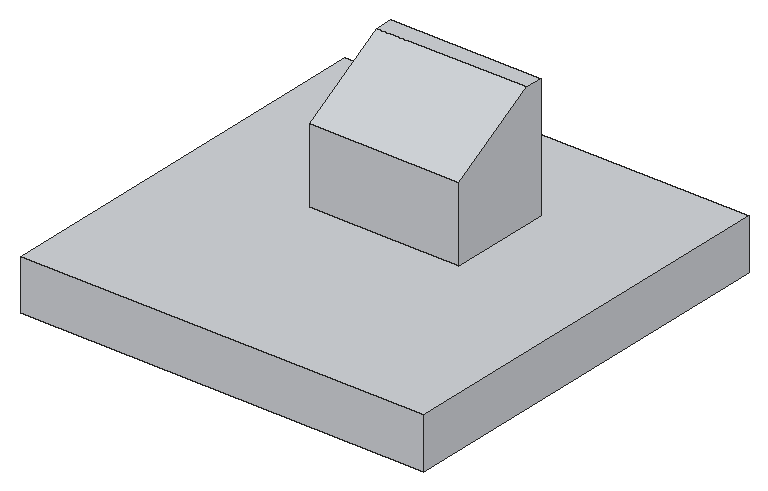
Revit family "M_Filtro de gordura - Prateleira traseira", category Terminais de ar, Revit 2019
Family settings
  Hospedeiro = Face
  Cota do conector redondo = Utilizar diâmetro
  Tipo de parte = Normal
  Número OmniClass = 23.40.40.14.21.11
  Título OmniClass = Food Service Hoods
  ID de item do Seek = Grease Hood - Backshelf-0000-CAN-ENU
  Corte com vazios quando carregada = Não
  Compartilhado = Não
  Ponto de cálculo do ambiente = Não
Parameters (values of type "Padrão")
  Queda de pressão [instance] = 100.0 Pa
  Material da coifa = none
  Comprimento da coifa [instance] = 900 mm
  Comprimento de meia coifa [instance] = 1 / 2 * Comprimento da coifa  # 450 mm
  Fluxo do ar de exaustão [instance] = 0.25 m/s * Comprimento da coifa * 445 mm  # 100.125 L/s
  Largura do duto [instance] = 150 mm
  Altura do duto [instance] = 150 mm
  Elevação-padrão = 1650 mm
Reference planes
  plane 1 "Centro (Frente/Trás)": y = 0
  plane 2: z = 0
  plane 3 "Centro (Esquerda/Direita)": x = 0
  plane 4: x = -450
  plane 5: x = 450
  plane 6: y = 609.6
  plane 7: y = 508
  plane 8: y = 711.2
  plane 9: z = 736.6
  plane 10: z = 444.5
  plane 11: z = 101.6
  plane 12: z = 251.6
  plane 13: x = 75
  plane 14: x = -75
Forms (mm)
  Extrusion 1, solid
    sketch origin (0, 0, 0) x (1, 0, 0) y (0, 1, 0)
      loop
        line (-1212, 1219.2) -> (-1212, -1219.2) -> (1212, -1219.2) -> (1212, 1219.2) -> (-1212, 1219.2)
    from 0 to -304.8
  Extrusion 2, solid, material <- "Material da coifa"
    sketch origin (0, 0, 0) x (0, 1, 0) y (0, 0, 1)
      loop
        line (609.6, 0) -> (609.6, 736.6) -> (508, 736.6) -> (0, 444.5) -> (0, 0) -> (609.6, 0)
    from -450 to 450
  Extrusion 3, solid, material <- "Material da coifa"
    sketch origin (0, 0, 0) x (1, 0, 0) y (0, 0, 1)
      loop
        line (75, 251.6) -> (-75, 251.6) -> (-75, 101.6) -> (75, 101.6) -> (75, 251.6)
    from -711.2 to -609.6
Dimensions and locks
  equal spacing: plane 4, plane 3 "Centro (Esquerda/Direita)", plane 5
  locked: plane 6 to plane 1 "Centro (Frente/Trás)" at 609.6
  locked: plane 6 to plane 7 at 101.6
  locked: plane 8 to plane 6 at 101.6
  locked: plane 9 to plane 2 at 736.6
  locked: plane 10 to plane 2 at 444.5
  locked: plane 2 to plane 11 at 101.6
  "Altura do duto": plane 11 to plane 12
  equal spacing: plane 14, plane 3 "Centro (Esquerda/Direita)", plane 13
  "Largura do duto": plane 14 to plane 13
  "Comprimento de meia coifa": plane 4 to plane 3 "Centro (Esquerda/Direita)"
  aligned and locked: plane 2 to Extrusion 1
  aligned and locked: level to Extrusion 1
  aligned and locked: Extrusion 2 sketch curve to plane 6
  aligned and locked: Extrusion 2 sketch curve to plane 9
  aligned and locked: Extrusion 1 to Extrusion 2 sketch curve
  aligned and locked: plane 10 to Extrusion 2 sketch curve
  aligned and locked: plane 5 to Extrusion 2
  aligned and locked: Extrusion 2 to plane 4
  aligned and locked: plane 7 to Extrusion 2 sketch curve
  aligned and locked: plane 13 to Extrusion 3 sketch curve
  aligned and locked: plane 12 to Extrusion 3 sketch curve
  aligned and locked: plane 11 to Extrusion 3 sketch curve
  aligned and locked: plane 14 to Extrusion 3 sketch curve
  aligned and locked: plane 8 to Extrusion 3
  aligned and locked: Extrusion 3 to plane 6
Automatic sketch dimensions
  Extrusion 2 sketch curve to plane 1 "Centro (Frente/Trás)" = 0 mm
  Extrusion 1 sketch curve to Extrusion 1 sketch curve = 2424 mm
  Extrusion 1 sketch curve to Extrusion 1 sketch curve = 2438.4 mm
Connectors
  hvac at (0, 711.2, 176.6), driven by "Fluxo do ar de exaustão", driven by "Queda de pressão", driven by "Altura do duto", driven by "Largura do duto"
    settings: on Extrusion 3, index 1, duct flow 100.125 L/s, flow factor 0, pres drop 100.0 Pa, loss coef 0, conn angle 0.00°, conn width 150 mm, conn height 150 mm, conn diameter 609.6 mm, duct sys type 3, conn prof type 1, flow config 1, flow direction 2, loss method 4, conn ref index -1, conn util no, is conn primary yes, conn desc ""
